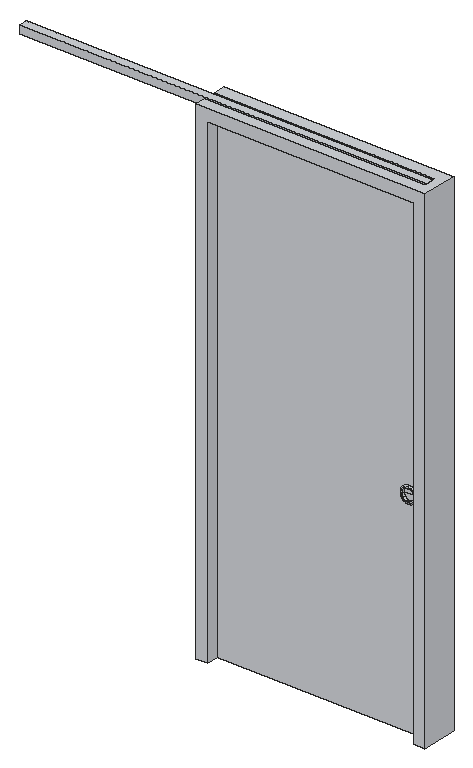
Revit family "Porta de correr sem revestimento - 1 Painel embutido na parede", category Portas, Revit 2019
Family settings
  Hospedeiro = Parede
  Número OmniClass = 23.30.10.00
  Título OmniClass = Doors
  Sempre na vertical = Sim
  Corte com vazios quando carregada = Não
  Compartilhado = Não
  Ponto de cálculo do ambiente = Não
Parameters (values of type "970 x 2100mm")
  Visual Light Transmittance = 0
  Solar Heat Gain Coefficient = 0
  Material deslizante = none
  Rough Width = 970 mm
  Rough Height = 2100 mm
  Largura do painel = Width - Largura da estrutura  # 920 mm
  ID do tipo de construção = ""
  Coeficiente de transferência de calor (U) = 3.7021 W/(m²·K)
  Material do puxador = none
  Estender largura = Width - Largura da estrutura - 80 mm  # 840 mm
  Espessura do painel = 45 mm
  Material do painel = none
  Função = Interior
  Largura da estrutura = 50 mm
  Height = Rough Height  # 2100 mm
  Fechamento da parede = Por hospedeiro
  Width = Rough Width  # 970 mm
  Material da moldura = none
  Construção analítica = Metal
Types (5, lengths in mm): name | Rough Width | Largura do painel | Estender largura | Width
  (no name) | 970 | 920 | 840 | 970
  970 x 2100mm | 970 | 920 | 840 | 970
  670 x 2100mm | 670 | 620 | 540 | 670
  770 x 2100mm | 770 | 720 | 640 | 770
  870 x 2100mm | 870 | 820 | 740 | 870
Reference planes
  plane 1: y = 0
  plane 2 "Centro (Esquerda/Direita)": x = 0
  plane 3 "Esquerda": x = -485
  plane 4 "Direita": x = 485
  plane 5: z = 2100
  plane 6 "Exterior": y = 75
  plane 7 "Interior": y = -75
  plane 8: z = 0
  plane 9: x = -435
  plane 10: x = 435
  plane 11: y = 22.5
  plane 12: y = -22.5
  plane 13: y = 27.5
  plane 14: y = -27.5
  plane 15: x = -1275
  plane 16: x = 444
  plane 17: x = -25
  plane 18: x = -945
  plane 19: z = 2050
  plane 20: z = 1025
  plane 21: z = 900
  plane 22: x = 375
  plane 23: x = -970
  plane 24: z = 2055
  plane 25: x = -137.5
  plane 26: x = 137.5
  plane 27: through (-137.5, -300, 1025) normal (-0.5, 0, 0.866)
  plane 28: through (-137.5, -300, 1025) normal (0.5, 0, 0.866)
Forms (mm)
  Sweep 1, solid, material <- "Material da moldura", detail levels medium
    path origin (0, 0, 0) x (1, 0, 0) y (0, 0, 1)
      loop
        line (-485, 0) -> (-485, 2100) -> (435, 2100)
    profile origin (-485, 0, 1050) x (-1, 0, 0) y (0, -1, 0)
      loop
        line (0, -75) -> (0, -27.5) -> (-50, -27.5) -> (-50, -75) -> (0, -75)
      loop
        line (0, 27.5) -> (0, 75) -> (-50, 75) -> (-50, 27.5) -> (0, 27.5)
  Extrusion 2, solid, material <- "Material da moldura", detail levels medium
    sketch origin (0, 0, 0) x (1, 0, 0) y (0, 1, 0)
      loop
        line (435, 75) -> (435, -75) -> (485, -75) -> (485, 75) -> (435, 75)
    from 0 to 2100
  Extrusion 3, solid, material <- "Material do painel", detail levels fine
    sketch origin (0, 0, 0) x (1, 0, 0) y (0, 1, 0)
      loop
        line (-485, 22.5) -> (-485, -22.5) -> (435, -22.5) -> (435, 22.5) -> (-485, 22.5)
    from 0 to 2055
  Sweep 4, solid, material <- "Material deslizante", detail levels fine
    path origin (0, 0, 2100) x (0, -1, 0) y (1, 0, 0)
      loop
        line (0, -1275) -> (0, 444)
    profile "Perfil_Deslizante_F : Perfil_Deslizante_F" origin (-415.5, 0, 2100) x (0, 1, 0) y (0, 0, 1)
      loop
        line (2.875, -33) -> (2.875, -35) -> (17.5, -35) -> (17.5, 0) -> (-17.5, 0) -> (-17.5, -35) -> (-2.875, -35) -> (-2.875, -33) -> (-15.5, -33) -> (-15.5, -2) -> (15.5, -2) -> (15.5, -33) -> (2.875, -33)
      loop
        line (-5.875, -21.25) -> (-1.25, -21.25) -> (-1.25, -45) -> (1.25, -45) -> (1.25, -21.25) -> (5.875, -21.25) -> (5.875, -32) -> (10.875, -32) -> (10.875, -8.25) -> (5.875, -8.25) -> (5.875, -18.75) -> (-5.875, -18.75) -> (-5.875, -8.25) -> (-10.875, -8.25) -> (-10.875, -32) -> (-5.875, -32) -> (-5.875, -21.25)
  Extrusion 5, solid, material <- "Material da moldura", detail levels fine
    sketch origin (3125, 300, 0) x (1, 0, 0) y (0, 1, 0)
      loop
        line (-2690, -225) -> (-2690, -272.5) -> (-2681, -272.5) -> (-2681, -327.5) -> (-2690, -327.5) -> (-2690, -375) -> (-2640, -375) -> (-2640, -225) -> (-2690, -225)
    from 2100 to 0
  Sweep 6, solid, material <- "Material da moldura", detail levels fine
    path origin (0, 0, 0) x (1, 0, 0) y (0, 0, 1)
      loop
        line (-485, 0) -> (-485, 2100) -> (485, 2100)
    profile origin (-485, 0, 1050) x (-1, 0, 0) y (0, -1, 0)
      loop
        line (0, -75) -> (0, -27.5) -> (-50, -27.5) -> (-50, -75) -> (0, -75)
      loop
        line (0, 27.5) -> (0, 75) -> (-50, 75) -> (-50, 27.5) -> (0, 27.5)
  Extrusion 7, solid, material <- "Material do painel", detail levels coarse
    sketch origin (0, 0, 2100) x (0, -1, 0) y (-1, 0, 0)
      loop
        line (-27.5, 485) -> (-27.5, -485) -> (27.5, -485) -> (27.5, 485) -> (-27.5, 485)
    from 0 to 2100
  Extrusion 8, solid, material <- "Material do painel", detail levels medium
    sketch origin (0, 0, 2100) x (0, -1, 0) y (-1, 0, 0)
      loop
        line (-27.5, 485) -> (-27.5, -435) -> (27.5, -435) -> (27.5, 485) -> (-27.5, 485)
    from 50 to 2100
  Extrusion 9, void
    sketch origin (0, 75, 0) x (1, 0, 0) y (0, 0, 1)
      loop
        circle (375, 900) r 30
    from 47.5 to 102.5
Cuts and joins
  joined: Sweep 1, Extrusion 2
  joined: Extrusion 5, Sweep 6
  Extrusion 9 cuts Extrusion 3
Lines and regions (mm)
  Opening 1
    outline origin (-3050, -75, 0) x (1, 0, 0) y (0, 0, 1)
      loop
        line (2565, 0) -> (3535, 0) -> (3535, 2100) -> (2565, 2100) -> (2565, 0)
  Masking region 1, detail levels fine
    outline origin (0, 0, 2100) x (0, -1, 0) y (1, 0, 0)
      loop
        line (-22.5, -485) -> (-27.5, -485) -> (-27.5, -1275) -> (27.5, -1275) -> (27.5, -485) -> (22.5, -485) -> (22.5, -25) -> (-22.5, -25) -> (-22.5, -485)
  Masking region 2, detail levels coarse
    outline origin (0, 0, 2100) x (0, -1, 0) y (1, 0, 0)
      loop
        line (-27.5, -1275) -> (27.5, -1275) -> (27.5, 0) -> (-27.5, 0) -> (-27.5, -1275)
  Masking region 3, detail levels medium
    outline origin (0, 0, 2100) x (0, -1, 0) y (1, 0, 0)
      loop
        line (-27.5, -1275) -> (27.5, -1275) -> (27.5, -25) -> (-27.5, -25) -> (-27.5, -1275)
  symbolic lines, style "DoorsPanelProjection", detail levels fine
    curve 1: line (-945, 22.5, 2100) -> (-25, 22.5, 2100)
    curve 2: line (-945, -22.5, 2100) -> (-945, 22.5, 2100)
    curve 3: line (-25, -22.5, 2100) -> (-945, -22.5, 2100)
    curve 4: line (-25, 22.5, 2100) -> (-25, -22.5, 2100)
  symbolic lines, style "Doors"
    curve 5: line (-485, 27.5, 2100) -> (-1275, 27.5, 2100)
    curve 6: line (-1275, 27.5, 2100) -> (-1275, -27.5, 2100)
    curve 7: line (-1275, -27.5, 2100) -> (-485, -27.5, 2100)
  symbolic lines, style "Giro da elevação", detail levels medium+fine
    curve 8: line (-485, 22.5, 2050) -> (-1275, 22.5, 2050)
    curve 9: line (-1275, 22.5, 2050) -> (-1275, 22.5, 0)
    curve 22: line (435, 75, 2050) -> (-435, 75, 0)
    curve 23: line (435, 75, 0) -> (-435, 75, 2050)
  symbolic lines, style "DoorsPanelProjection", detail levels coarse
    curve 10: line (-970, 27.5, 2100) -> (0, 27.5, 2100)
    curve 11: line (-970, -27.5, 2100) -> (-970, 27.5, 2100)
    curve 12: line (0, -27.5, 2100) -> (-970, -27.5, 2100)
    curve 13: line (0, 27.5, 2100) -> (0, -27.5, 2100)
  symbolic lines, style "Giro da elevação", detail levels coarse
    curve 14: line (-485, 22.5, 2100) -> (-1275, 22.5, 2100)
    curve 15: line (-1275, 22.5, 2100) -> (-1275, 22.5, 0)
    curve 20: line (485, 75, 2100) -> (-485, 75, 0)
    curve 21: line (485, 75, 0) -> (-485, 75, 2100)
  symbolic lines, style "DoorsPanelProjection", detail levels medium
    curve 16: line (-945, 27.5, 2100) -> (-25, 27.5, 2100)
    curve 17: line (-945, -27.5, 2100) -> (-945, 27.5, 2100)
    curve 18: line (-25, -27.5, 2100) -> (-945, -27.5, 2100)
    curve 19: line (-25, 27.5, 2100) -> (-25, -27.5, 2100)
  symbolic lines, style "Seta"
    curve 24: line (-137.5, 0, 1025) -> (137.5, 0, 1025)
    curve 25: line (-137.5, 0, 1025) -> (-59.558, 0, 1070)
    curve 26: line (-137.5, 0, 1025) -> (-59.558, 0, 980)
Text (mm)
  text "Externo" at (-2295.016, 1099.543, 0), in view "Nível de referência"
  text "Externo" at (0, 1615.38, 3698.081), in view "Esquerda"
  text "Externo" at (0, 1036.032, 3874.932), in view "Direita"
Dimensions and locks
  equal spacing: plane 3 "Esquerda", plane 2 "Centro (Esquerda/Direita)", plane 4 "Direita"
  "Width": plane 3 "Esquerda" to plane 4 "Direita"
  "Height": plane 5 to host wall
  locked: plane 6 "Exterior" to host wall at 0
  locked: plane 7 "Interior" to host wall
  locked: level to plane 8 at 0
  "Largura da estrutura": plane 3 "Esquerda" to plane 9
  "Largura da estrutura": plane 10 to plane 4 "Direita"
  equal spacing: plane 11, plane 1, plane 12
  "Espessura do painel": plane 11 to plane 12
  locked: plane 13 to plane 11 at 5
  locked: plane 12 to plane 14 at 5
  "Estender largura": plane 15 to plane 9
  locked: plane 10 to plane 16 at 9
  equal spacing: plane 18, plane 3 "Esquerda", plane 17
  "Largura do painel": plane 18 to plane 17
  "Largura da estrutura": plane 19 to plane 5
  equal spacing: plane 8, plane 20, plane 19
  locked: plane 8 to plane 21 at 900
  locked: plane 22 to plane 10 at 60
  "Width": plane 23 to plane 2 "Centro (Esquerda/Direita)"
  equal spacing: plane 23, plane 3 "Esquerda", plane 2 "Centro (Esquerda/Direita)"
  locked: plane 24 to plane 19 at 5
  locked: plane 25 to plane 26 at 275
  equal spacing: plane 25, plane 2 "Centro (Esquerda/Direita)", plane 26
  locked: curve 25 to curve 25 at 90
  locked: curve 26 to curve 26 at 90
  locked: plane 20 to plane 27 (angle 30.00°)
  locked: plane 28 to plane 20 (angle 30.00°)
  aligned and locked: plane 3 "Esquerda" to Opening 1 sketch curve
  aligned and locked: plane 5 to Opening 1 sketch curve  (x2)
  aligned and locked: Opening 1 sketch curve to plane 4 "Direita"
  aligned and locked: Opening 1 sketch curve to level
  aligned and locked: plane 1 to host wall
  aligned and locked: Sweep 1 sketch curve to plane 3 "Esquerda"
  aligned and locked: plane 5 to Sweep 1 sketch curve
  aligned and locked: Sweep 1 sketch curve to host wall  (x2)
  aligned and locked: host wall to Sweep 1 sketch curve
  aligned and locked: plane 13 to Sweep 1 sketch curve
  aligned and locked: Sweep 1 sketch curve to plane 9  (x2)
  aligned and locked: plane 14 to Sweep 1 sketch curve
  aligned and locked: profile plane to Sweep 1 sketch curve
  aligned and locked: Extrusion 2 sketch curve to host wall  (x3)
  aligned and locked: plane 10 to Extrusion 2 sketch curve
  aligned and locked: Extrusion 2 to plane 5
  aligned and locked: Extrusion 2 to plane 8
  aligned and locked: plane 10 to Sweep 1 sketch curve
  aligned and locked: Extrusion 3 sketch curve to plane 11
  aligned and locked: Extrusion 3 sketch curve to plane 3 "Esquerda"
  aligned and locked: plane 12 to Extrusion 3 sketch curve
  aligned and locked: Extrusion 3 sketch curve to plane 10
  aligned and locked: plane 8 to Extrusion 3
  aligned and locked: plane 1 to Sweep 4 sketch curve
  aligned and locked: plane 6 "Exterior" to Extrusion 5 sketch curve
  aligned and locked: plane 4 "Direita" to Extrusion 5 sketch curve
  aligned and locked: Extrusion 5 sketch curve to plane 7 "Interior"
  aligned and locked: plane 10 to Extrusion 5 sketch curve  (x2)
  aligned and locked: plane 14 to Extrusion 5 sketch curve
  aligned and locked: plane 16 to Extrusion 5 sketch curve
  aligned and locked: plane 13 to Extrusion 5 sketch curve
  aligned and locked: Extrusion 5 to plane 8
  aligned: Extrusion 5 to plane 5
  aligned and locked: Extrusion 5 to plane 5
  aligned and locked: plane 16 to Sweep 4 sketch curve
  aligned and locked: plane 11 to Masking region 1 sketch curve
  aligned and locked: plane 17 to Masking region 1 sketch curve
  aligned and locked: plane 11 to curve 1
  aligned and locked: curve 2 to plane 18
  aligned and locked: curve 3 to Masking region 1
  aligned and locked: curve 4 to Masking region 1
  aligned and locked: plane 13 to curve 5
  aligned and locked: curve 6 to plane 15
  aligned and locked: plane 14 to curve 7
  aligned and locked: plane 19 to Sweep 1
  aligned and locked: plane 15 to curve 9
  aligned and locked: curve 8 to plane 19
  aligned and locked: curve 10 to curve 5
  aligned and locked: curve 11 to plane 23
  aligned and locked: plane 14 to curve 12
  aligned and locked: plane 2 "Centro (Esquerda/Direita)" to curve 13
  aligned and locked: Masking region 2 sketch curve to curve 12
  aligned and locked: Masking region 2 sketch curve to curve 13
  aligned and locked: Sweep 6 sketch curve to plane 3 "Esquerda"
  aligned and locked: plane 5 to Sweep 6 sketch curve
  aligned and locked: Sweep 6 sketch curve to Sweep 1  (x6)
  aligned and locked: host wall to Sweep 6 sketch curve
  aligned and locked: Extrusion 7 sketch curve to Sweep 1
  aligned and locked: plane 14 to Extrusion 7 sketch curve
  aligned and locked: Extrusion 7 sketch curve to plane 4 "Direita"
  aligned and locked: Extrusion 7 to level
  aligned and locked: Extrusion 7 to plane 5
  aligned and locked: plane 13 to Extrusion 8 sketch curve
  aligned and locked: Extrusion 8 sketch curve to Extrusion 5  (x2)
  aligned and locked: Extrusion 8 sketch curve to plane 3 "Esquerda"
  aligned and locked: Extrusion 8 to plane 8
  aligned and locked: plane 19 to Extrusion 8
  aligned and locked: plane 15 to curve 15
  aligned and locked: plane 5 to curve 14
  aligned and locked: Masking region 3 sketch curve to curve 5
  aligned and locked: Masking region 3 sketch curve to curve 6
  aligned and locked: Extrusion 8 to Masking region 3 sketch curve
  aligned and locked: plane 17 to Masking region 3 sketch curve
  aligned and locked: curve 10 to curve 16
  aligned and locked: curve 17 to plane 18
  aligned and locked: curve 12 to curve 18
  aligned and locked: plane 17 to curve 19
  aligned and locked: plane 24 to Extrusion 3
  aligned and locked: plane 22 to nested 1
  aligned and locked: plane 1 to nested 1
  aligned and locked: plane 21 to nested 1
  aligned and locked: plane 21 to Extrusion 9 sketch curve
  aligned and locked: plane 22 to Extrusion 9 sketch curve
  aligned and locked: plane 13 to Extrusion 9
  aligned and locked: plane 14 to Extrusion 9
  aligned and locked: plane 15 to Sweep 4 sketch curve
  aligned and locked: plane 5 to curve 20
  aligned and locked: plane 4 "Direita" to curve 20
  aligned and locked: plane 5 to curve 21
  aligned and locked: plane 3 "Esquerda" to curve 21
  aligned and locked: plane 8 to curve 21
  aligned and locked: plane 4 "Direita" to curve 21
  aligned and locked: plane 8 to curve 20
  aligned and locked: plane 3 "Esquerda" to curve 20
  aligned and locked: plane 19 to curve 22
  aligned and locked: plane 10 to curve 22
  aligned and locked: plane 19 to curve 23
  aligned and locked: plane 9 to curve 23
  aligned and locked: plane 8 to curve 22
  aligned and locked: plane 9 to curve 22
  aligned and locked: plane 8 to curve 23
  aligned and locked: plane 10 to curve 23
  aligned and locked: plane 15 to Masking region 2 sketch curve
  aligned and locked: Masking region 1 sketch curve to plane 3 "Esquerda"  (x2)
  aligned and locked: plane 14 to Masking region 1 sketch curve
  aligned and locked: plane 13 to Masking region 1 sketch curve
  aligned and locked: Masking region 1 sketch curve to plane 15
  aligned and locked: plane 14 to Sweep 6 sketch curve
  aligned and locked: curve 25 to plane 27
  aligned and locked: curve 26 to plane 28
  aligned and locked: nested 2 to plane 5
  aligned and locked: Sweep 4 to plane 5
Automatic sketch dimensions
  Masking region 1 sketch curve to plane 12 = 0 mm
  Sweep 1 sketch curve to level = 0 mm
  plane 14 to curve 6 = 0 mm
  curve 5 to plane 3 "Esquerda" = 0 mm
  curve 7 to plane 3 "Esquerda" = 0 mm
  plane 3 "Esquerda" to curve 14 = 0 mm
  plane 3 "Esquerda" to curve 8 = 0 mm
  curve 9 to level = 0 mm
  Masking region 2 sketch curve to plane 13 = 0 mm
  plane 4 "Direita" to Sweep 6 sketch curve = 0 mm
  Sweep 6 sketch curve to level = 0 mm
  Sweep 6 sketch curve to Sweep 6 sketch curve = 50 mm
  Extrusion 7 sketch curve to plane 13 = 0 mm
  curve 24 to plane 26 = 0 mm
  radius of Extrusion 9 sketch curve = 30 mm
Nested families
  nested 1: "Maçaneta da porta 5" at (375, 0, 900), type "Maçaneta da porta 5"
  nested 2: "Deslizante_G" at (12.5, 0, 2100), type "Deslizante_G", detail levels medium
Definition of nested family "Maçaneta da porta 5"
  Parameters
    Espessura do painel = 45 mm
    Material do puxador = none
  Reference planes
    plane 1 "Centro (Frente/Trás)": y = 0
    plane 2: z = 0
    plane 3 "Centro (Esquerda/Direita)": x = 0
    plane 4: y = 22.5
    plane 5: y = -22.5
    plane 6: y = 12.5
    plane 7: y = -12.5
    plane 8: y = 32.5
    plane 9: y = -32.5
  Forms (mm)
    Revolve 1, solid, material <- "Material do puxador", detail levels fine
      sketch origin (0, 0, 0) x (1, 0, 0) y (0, 1, 0)
        loop
          arc (-30, 27.5) -> (-33.536, 26.036) -> (-35, 22.5) r 5
          line (-35, 22.5) -> (-30, 22.5) -> (-30, 12.5) -> (0, 12.5) -> (0, 17.5) -> (-25, 17.5) -> (-25, 27.5) -> (-30, 27.5)
        loop
          line (-30, -27.5) -> (-25, -27.5) -> (-25, -17.5) -> (0, -17.5) -> (0, -12.5) -> (-30, -12.5) -> (-30, -22.5) -> (-35, -22.5)
          arc (-35, -22.5) -> (-33.536, -26.036) -> (-30, -27.5) r 5
        axis (0, 27.5) -> (0, -27.5)
      angle from 0 to 360
    Extrusion 2, solid, material <- "Material do puxador", detail levels fine
      sketch origin (0, 0, 0) x (1, 0, 0) y (0, 0, 1)
        loop
          circle (0, 0) r 20
      from -12.5 to 12.5
  Cuts and joins
    joined: Revolve 1, Extrusion 2
  Dimensions and locks
    equal spacing: plane 4, plane 1 "Centro (Frente/Trás)", plane 5
    "Espessura do painel": plane 4 to plane 5
    locked: plane 6 to Revolve 1 sketch curve at 5
    locked: Revolve 1 sketch curve to plane 4 at 5
    locked: plane 7 to Revolve 1 sketch curve at 5
    locked: plane 5 to Revolve 1 sketch curve at 5
    locked: plane 8 to plane 4 at 10
    locked: plane 5 to plane 9 at 10
    aligned and locked: level to plane 2
    aligned and locked: Revolve 1 sketch curve to plane 6
    aligned and locked: plane 4 to Revolve 1 sketch curve
    aligned and locked: Revolve 1 sketch curve to plane 7
    aligned and locked: plane 5 to Revolve 1 sketch curve
    aligned and locked: Revolve 1 sketch curve to plane 3 "Centro (Esquerda/Direita)"  (x3)
    aligned and locked: plane 6 to Extrusion 2
    aligned and locked: Extrusion 2 to plane 7
    aligned and locked: plane 2 to Extrusion 2 sketch curve
    aligned and locked: plane 3 "Centro (Esquerda/Direita)" to Extrusion 2 sketch curve
  Automatic sketch dimensions
    Revolve 1 sketch curve to plane 5 = 45 mm
    plane 4 to Revolve 1 sketch curve = 50 mm
    Revolve 1 sketch curve to plane 3 "Centro (Esquerda/Direita)" = 25 mm  (x2)
    Revolve 1 sketch curve to Revolve 1 sketch curve = 5 mm  (x3)
    Revolve 1 sketch curve to Revolve 1 sketch curve = 0 mm
    radius of Extrusion 2 sketch curve = 20 mm
Definition of nested family "Deslizante_G"
  Reference planes
    plane 1 "Centro (Frente/Trás)": y = 0
    plane 2: z = 0
    plane 3 "Centro (Esquerda/Direita)": x = 0
  Lines and regions (mm)
    symbolic lines
      curve 1: line (0, -17.5, 0) -> (0, 17.5, 0)
      curve 2: line (0, 17.5, 0) -> (0, 17.5, -35)
      curve 3: line (0, 17.5, -35) -> (0, 1.25, -35)
      curve 4: line (0, -17.5, -35) -> (0, -17.5, 0)
      curve 5: line (0, -1.25, -35) -> (0, -17.5, -35)
      curve 6: line (0, -1.25, -35) -> (0, -1.25, -50)
      curve 7: line (0, 1.25, -50) -> (0, 1.25, -25)
      curve 8: line (0, -1.25, -35) -> (0, -1.25, -25)
      curve 9: line (0, -1.25, -25) -> (0, 1.25, -25)
      curve 10: line (0, 1.25, -50) -> (0, -1.25, -50)
  Dimensions and locks
    aligned and locked: level to plane 2
